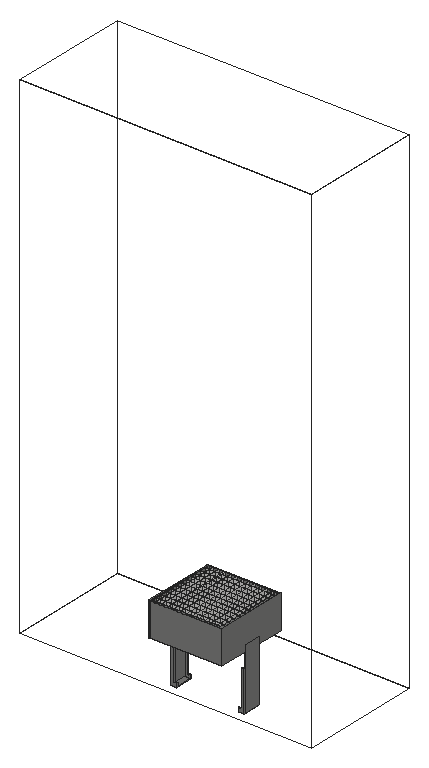
Revit family "Heater-QMark-Thermazone_Series", category Mechanical Equipment, host Face, Revit 2020
Family settings
  Host = Face
  Round Connector Dimension = Use Diameter
  Classification = None
  Part Type = Normal
  OmniClass Number = 23.75.70.17.17
  OmniClass Title = Radiation Panels
  Cut with Voids When Loaded = No
  Shared = No
  Room Calculation Point = No
Parameters (values of type "Not a Type - Load Type Catalog")
  Watts = 0 W
  Wall Mounting [instance] = no
  Voltage = 0 V
  Version = "2020 - v1.0a"  # constant formula
  URL = "https://www.marleymep.com/"
  Total Heating Capacity = 0.0 Btu/h
  Product Page URL = "https://www.marleymep.com/products/qmark/thermazone-series-commercialresidential-infrared-heater"
  Product Name = "Thermazone Series - Commercial/Residential Infrared Heater"  # constant formula
  Product Documentation Link = "https://www.marleymep.com/system/files/node/file/field-file/Submittal_THERMAZONE-RadiantHeat-2-QMark.pdf"
  Power Factor = 1  # constant formula
  Phase = 1
  Number of Poles = 1  # constant formula
  Model = "Not a Type - Load a Type Catalog"
  Manufacturer = "Marley® Engineered Products"  # constant formula
  Length = 1' - 0"
  Keynote = "15500"
  Instruction Sheet Link = "https://www.marleymep.com/system/files/node/file/field-file/Instruction%20Manual_ENM-4153-01%20-%20Thermazone%20-%20QMark_0.pdf"
  Height = 0' - 5 1/2"  # constant formula
  Frequency = 60 Hz  # constant formula
  Depth = 1' - 0"  # constant formula
  Clearance [instance] = yes
  C_ Thermazone Series WM [instance] = Wall Mounting  # no
  C_ Thermazone Series CM [instance] = Ceiling Mounting  # yes
  C_ Thermazone Series 4' = no
  C_ Thermazone Series 2' = no
  C_ Thermazone Series 1' = yes
  Description = "Infrared Heaters for Industrial/Commercial/Residential\r"  # constant formula
  Default Elevation = 6' - 0"
  Copyright = "© 2015-2024, Marley Engineered Products"  # constant formula
  Ceiling Mounting [instance] = not(Wall Mounting)  # yes
  Infrared Material = Paint - QMark - Powder Coated Black (BK)
  C_ Clearance Wall Mounting [instance] = if(and(Wall Mounting, Clearance), 1 = 1, 1 = 0)  # no
  C_ Clearance Ceiling Mounting [instance] = if(and(Ceiling Mounting, Clearance), 1 = 1, 1 = 0)  # yes
  Assembly Code = "D3060300"
  Angle Positioning [instance] = "For wall mouting, the minimum is 37° and maximum 53°"  # constant formula
  Amps = 0 A
Reference planes (in)
  plane 1 "Center (Front/Back)": y = 0
  plane 2: z = 0
  plane 3 "Center (Left/Right)": x = 0
Dimensions and locks (in)
  aligned and locked: plane 2 to host face
  aligned and locked: level to host face
Nested families (in)
  nested 1: "Heater-QMark-Thermazone_Series-Infrared_Heaters" at (0, 0, 0), Clearance <- "Clearance", Ceiling Mounting <- "Ceiling Mounting", visible <- "C_ Thermazone Series CM", type "Thermazone Series"
    with Wall Mounting no, Thermazone Series yes, Clearance yes, Ceiling Mounting yes, C_ Thermazone Series yes, C_ Clearance Wall Mounting no, C_ Clearance Ceiling Mounting yes
  nested 2: "Heater-QMark-Thermazone_Series-Infrared_Heaters" at (1.37943, -26.67957, 0) x (-1, 0, 0) z (0, 0, 1), Clearance <- "Clearance", Wall Mounting <- "Wall Mounting", visible <- "C_ Thermazone Series WM", Ceiling Mounting <- "Ceiling Mounting", type "Thermazone Series"
    with Wall Mounting no, Thermazone Series yes, Clearance yes, Ceiling Mounting yes, C_ Thermazone Series yes, C_ Clearance Wall Mounting no, C_ Clearance Ceiling Mounting yes
Definition of nested family "Heater-QMark-Thermazone_Series-Infrared_Heaters"
  Parameters (values of type "Thermazone Series")
    Watts = 0 W
    Wall Mounting [instance] = yes
    Voltage = 0 V
    Version = "2020 - v1.0a"  # constant formula
    URL = "https://www.marleymep.com/"
    Total Heating Capacity = 0.0 Btu/h
    Thermazone Series [instance] = yes
    Product Page URL = "https://www.marleymep.com/products/qmark/thermazone-series-commercialresidential-infrared-heater"
    Product Name = "Thermazone Series - Commercial/Residential Infrared Heater"  # constant formula
    Product Documentation Link = "https://www.marleymep.com/system/files/node/file/field-file/Submittal_THERMAZONE-RadiantHeat-2-QMark.pdf"
    Power Factor = 0
    Phase = 1
    Number of Poles = 1
    Model = "Thermazone Series"
    Manufacturer = "Marley® Engineered Products"  # constant formula
    Length = 1' - 0"
    Instruction Sheet Link = "https://www.marleymep.com/system/files/node/file/field-file/Instruction%20Manual_ENM-4153-01%20-%20Thermazone%20-%20QMark_0.pdf"
    Height = 0' - 5 1/2"
    Frequency = 0 Hz
    Clearance [instance] = yes
    C_ Thermazone Series 4' = no
    C_ Thermazone Series 2' = no
    C_ Thermazone Series 1' = yes
    C_ Thermazone Series [instance] = Thermazone Series  # yes
    Description = "Infrared Heaters for Industrial/Commercial/Residential\r"  # constant formula
    Depth = 1' - 0"
    Default Elevation = 4' - 0"
    Copyright = "© 2015-2024, Marley Engineered Products"  # constant formula
    Ceiling Mounting [instance] = no
    Infrared Material = none
    C_ Clearance Wall Mounting [instance] = if(and(Wall Mounting, Clearance), 1 = 1, 1 = 0)  # yes
    C_ Clearance Ceiling Mounting [instance] = if(and(Ceiling Mounting, Clearance), 1 = 1, 1 = 0)  # no
    Amps = 0 A
  Reference planes (in)
    plane 1 "Center (Front/Back)": y = 0
    plane 2: z = 0
    plane 3 "Center (Left/Right)": x = 0
    plane 4: y = 6
    plane 5: y = -6
    plane 6: x = 6
    plane 7: x = -6
    plane 8: y = -5.875
    plane 9: x = 6.125
    plane 10: y = -1.46637
    plane 11: y = 1.46637
    plane 12: y = -1.34137
    plane 13: z = -72
    plane 14: z = 9.005
    plane 15: z = 13.505
    plane 16: z = 100.76
    plane 17: z = 5.005
    plane 18: z = 14.505
    plane 19: y = -78
    plane 20: z = 26.505
  Forms (in)
    Extrusion 1, solid
      sketch origin (0, 0, 0) x (1, 0, 0) y (0, 1, 0)
        loop
          line (-48, 48) -> (-48, -48) -> (48, -48) -> (48, 48) -> (-48, 48)
      from 0 to -12
    Extrusion 2, solid, visible <- "C_ Clearance Ceiling Mounting"
      sketch origin (20.10971, 16.31287, 77.005) x (1, 0, 0) y (0, 1, 0)
        loop
          line (-44.10971, -6.31287) -> (-44.10971, -26.31287) -> (3.89029, -26.31287) -> (3.89029, -6.31287) -> (-44.10971, -6.31287)
      from -72 to 9.5
    Extrusion 3, solid, material <- "Infrared Material", visible <- "Thermazone Series", detail levels fine
      sketch origin (0, 0, 14.505) x (0, -1, 0) y (0, 0, 1)
        loop
          line (-6, 0) -> (-6, -5.5) -> (6, -5.5) -> (6, 0) -> (-6, 0)
      from 5.875 to 6
    Extrusion 4, solid, material <- "Infrared Material", visible <- "Thermazone Series", detail levels fine
      sketch origin (0, 0, 14.505) x (0, -1, 0) y (0, 0, -1)
        loop
          line (-6, 0) -> (6, 0) -> (6, 5.5) -> (-6, 5.5) -> (-6, 0)
      from 5.875 to 6
    Extrusion 5, solid, material <- "Infrared Material", visible <- "Thermazone Series", detail levels fine
      sketch origin (0, 0, 14.505) x (-1, 0, 0) y (0, -1, 0)
        loop
          line (-5.875, 1.903) -> (5.875, 1.903) -> (5.875, 6) -> (-5.875, 6) -> (-5.875, 1.903)
      from 0 to -5.5
    Extrusion 6, solid, material <- "Infrared Material", visible <- "Thermazone Series", detail levels fine
      sketch origin (0, 0, 11.17879) x (-1, 0, 0) y (0, -1, 0)
        loop
          line (-5.875, -6) -> (5.875, -6) -> (5.875, 1.903) -> (-5.875, 1.903) -> (-5.875, -6)
      from 0 to 3.32621
    Extrusion 7, solid, material <- "Infrared Material", visible <- "Thermazone Series", detail levels fine
      sketch origin (0, 0, 14.505) x (0, 1, 0) y (0, 0, 1)
        loop
          line (-1.3448, -4.38) -> (-1.3448, -14.38) -> (1.345, -14.38) -> (1.345, -4.38) -> (-1.3448, -4.38)
      from 6 to 6.125
    Extrusion 8, solid, material <- "Infrared Material", visible <- "Thermazone Series", detail levels fine
      sketch origin (0, 0, 14.505) x (0, 1, 0) y (0, 0, -1)
        loop
          line (-1.3448, 4.38) -> (1.345, 4.38) -> (1.345, 14.38) -> (-1.3448, 14.38) -> (-1.3448, 4.38)
      from 6 to 6.125
    Extrusion 9, solid, material <- "Infrared Material", visible <- "Thermazone Series"
      sketch origin (0, 0, 28.76) x (1, 0, 0) y (0, 0, 1)
        loop
          circle (-2.64928, -18.50224) r 0.69831
      from 0.87873 to 1.903
    Extrusion 10, solid, material <- "Infrared Material", visible <- "Thermazone Series", detail levels fine
      sketch origin (0, 0, 28.76) x (1, 0, 0) y (0, 0, 1)
        loop
          line (6, -22.135) -> (5.551, -22.135) -> (5.551, -28.135) -> (5.051, -28.135) -> (5.051, -28.76) -> (6, -28.76) -> (6, -22.135)
      from 1.3448 to 1.46637
    Extrusion 11, solid, material <- "Infrared Material", visible <- "Thermazone Series", detail levels fine
      sketch origin (0, 0, 14.505) x (1, 0, 0) y (0, 0, -1)
        loop
          line (6, 7.88) -> (6, 14.505) -> (5.051, 14.505) -> (5.051, 13.88) -> (5.551, 13.88) -> (5.551, 7.88) -> (6, 7.88)
      from 1.3448 to 1.46637
    Extrusion 12, solid, material <- "Infrared Material", visible <- "Thermazone Series", detail levels fine
      sketch origin (0, 0, 28.635) x (1, 0, 0) y (0, 0, 1)
        loop
          line (5.051, -28.635) -> (6, -28.635) -> (6, -28.51) -> (5.051, -28.51) -> (5.051, -28.635)
      from -1.345 to 1.3448
    Extrusion 13, solid, material <- "Infrared Material", visible <- "Thermazone Series", detail levels fine
      sketch origin (0, 0, 28.76) x (-1, 0, 0) y (0, 0, -1)
        loop
          line (6, 22.135) -> (6, 28.76) -> (5.051, 28.76) -> (5.051, 28.135) -> (5.551, 28.135) -> (5.551, 22.135) -> (6, 22.135)
      from 1.3448 to 1.46637
    Extrusion 14, solid, material <- "Infrared Material", visible <- "Thermazone Series", detail levels fine
      sketch origin (0, 0, 14.505) x (-1, 0, 0) y (0, 0, 1)
        loop
          line (6, -7.88) -> (5.551, -7.88) -> (5.551, -13.88) -> (5.051, -13.88) -> (5.051, -14.505) -> (6, -14.505) -> (6, -7.88)
      from 1.3448 to 1.46637
    Extrusion 15, solid, material <- "Infrared Material", visible <- "Thermazone Series", detail levels fine
      sketch origin (0, 0, 28.635) x (-1, 0, 0) y (0, 0, -1)
        loop
          line (5.051, 28.635) -> (5.051, 28.51) -> (6, 28.51) -> (6, 28.635) -> (5.051, 28.635)
      from -1.345 to 1.3448
    Extrusion 16, solid, material <- "Infrared Material", detail levels coarse+medium
      sketch origin (0, 0, 28.76) x (1, 0, 0) y (0, 0, 1)
        loop
          line (5.051, -28.76) -> (6.125, -28.76) -> (6.125, -18.635) -> (6, -18.635) -> (6, -22.135) -> (5.551, -22.135) -> (5.551, -28.135) -> (5.051, -28.135) -> (5.051, -28.76)
      from -1.46637 to 1.46637
    Extrusion 17, solid, material <- "Infrared Material", detail levels coarse+medium
      sketch origin (0, 0, 28.76) x (-1, 0, 0) y (0, 0, -1)
        loop
          line (5.051, 28.76) -> (5.051, 28.135) -> (5.551, 28.135) -> (5.551, 22.135) -> (6, 22.135) -> (6, 18.635) -> (6.125, 18.635) -> (6.125, 28.76) -> (5.051, 28.76)
      from -1.46637 to 1.46637
    Extrusion 18, solid, material <- "Infrared Material", detail levels coarse+medium
      sketch origin (0, 0, 14.505) x (0, 1, 0) y (0, 0, 1)
        loop
          line (-6, -5.5) -> (-1.903, -5.5) -> (-1.903, -3.32621) -> (6, -3.32621) -> (6, 0) -> (-6, 0) -> (-6, -5.5)
      from -6 to 6
    Extrusion 19, solid, material <- "Infrared Material", detail levels coarse+medium
      sketch origin (0, 0, 14.505) x (0, -1, 0) y (1, 0, 0)
        loop
          line (1.903, -6) -> (1.903, -5.875) -> (-6, -5.875) -> (-6, -6) -> (1.903, -6)
      from -3.32621 to -5.5
    Extrusion 20, solid, material <- "Infrared Material", detail levels coarse+medium
      sketch origin (0, 0, 5.67879) x (0, 1, 0) y (-1, 0, 0)
        loop
          line (-1.903, -6) -> (6, -6) -> (6, -5.875) -> (-1.903, -5.875) -> (-1.903, -6)
      from 3.32621 to 5.5
    Extrusion 21, void
      sketch origin (0, 0, 0) x (1, 0, 0) y (0, 1, 0)
        loop
          line (5.625, -5.75) -> (5.625, 5.75) -> (-5.625, 5.75) -> (-5.625, -5.75) -> (5.625, -5.75)
      from 13.505 to 14.505
    Extrusion 22, solid, visible <- "C_ Clearance Wall Mounting"
      sketch origin (20.10971, 16.31287, 77.005) x (1, 0, 0) y (0, 1, 0)
        loop
          line (-44.10971, -6.31287) -> (-44.10971, -94.31287) -> (3.89029, -94.31287) -> (3.89029, -6.31287) -> (-44.10971, -6.31287)
      from -72 to -50.5
  Cuts and joins
    Extrusion 21 cuts Extrusion 5
    Extrusion 21 cuts Extrusion 6
    joined: Extrusion 5, Extrusion 6
    joined: Extrusion 18, Extrusion 19, Extrusion 20
  Dimensions and locks (in)
    "Depth": plane 4 to plane 5
    equal spacing: plane 4, plane 1 "Center (Front/Back)", plane 5
    "Length": plane 7 to plane 6
    equal spacing: plane 7, plane 3 "Center (Left/Right)", plane 6
    locked: Extrusion 2 sketch curve to plane 7 at 18
    locked: plane 6 to Extrusion 2 sketch curve at 18
    Extrusion 17 to Extrusion 17 to Extrusion 17 = 0' - 0.574", 0' - 0 1/2" locked
    Extrusion 16 to Extrusion 16 to plane 6 to Extrusion 16 = 0' - 0 1/2" locked, 0' - 0.449" locked, 0' - 0 1/8" locked
    locked: Extrusion 9 sketch curve to plane 7 at 3.35072
    locked: plane 7 to Extrusion 3 at 0.125
    locked: Extrusion 4 to plane 6 at 0.125
    locked: plane 6 to Extrusion 7 at 0.125
    locked: Extrusion 8 to plane 7 at 0.125
    locked: Extrusion 22 sketch curve to plane 7 at 18
    locked: plane 6 to Extrusion 22 sketch curve at 18
    aligned and locked: plane 2 to Extrusion 1
    aligned and locked: level to Extrusion 1
    aligned and locked: Extrusion 5 to plane 14
    aligned and locked: Extrusion 7 to Extrusion 10
    aligned and locked: Extrusion 7 to Extrusion 12  (x2)
    aligned and locked: Extrusion 12 to Extrusion 7
    aligned and locked: Extrusion 10 to Extrusion 16
    aligned and locked: Extrusion 19 to plane 14
    aligned and locked: Extrusion 3 to Extrusion 21
    aligned and locked: plane 15 to Extrusion 21
    aligned and locked: Extrusion 10 to level
    aligned and locked: Extrusion 16 to level
    aligned and locked: Extrusion 17 to level
    aligned and locked: Extrusion 18 to plane 7
    aligned and locked: Extrusion 18 to plane 6
    aligned and locked: Extrusion 3 to plane 7
    aligned and locked: Extrusion 4 to plane 6
    aligned and locked: plane 6 to Extrusion 7
    aligned and locked: plane 7 to Extrusion 8
    aligned and locked: plane 19 to Extrusion 22
    aligned and locked: Extrusion 22 to plane 20
  Automatic sketch dimensions
    Extrusion 1 sketch curve to Extrusion 1 sketch curve = 8' - 0"  (x2)
    plane 5 to Extrusion 2 sketch curve = 0' - 4"
    plane 4 to Extrusion 2 sketch curve = 0' - 4"
    Extrusion 3 sketch curve to plane 4 = 0' - 0"
    Extrusion 3 sketch curve to plane 5 = 0' - 0"
    plane 14 to Extrusion 3 sketch curve = 0' - 0"
    plane 18 to Extrusion 3 sketch curve = 0' - 0"
    Extrusion 4 sketch curve to plane 4 = 0' - 0"
    Extrusion 4 sketch curve to plane 5 = 0' - 0"
    plane 18 to Extrusion 4 sketch curve = 0' - 0"
    plane 14 to Extrusion 4 sketch curve = 0' - 0"
    plane 5 to Extrusion 5 sketch curve = 0' - 0"
    plane 6 to Extrusion 5 sketch curve = 0' - 0 1/8"
    plane 7 to Extrusion 5 sketch curve = 0' - 0 1/8"
    Extrusion 5 sketch curve to plane 10 = 0' - 0.43663"
    Extrusion 6 sketch curve to plane 4 = 0' - 0"
    plane 6 to Extrusion 6 sketch curve = 0' - 0 1/8"
    plane 7 to Extrusion 6 sketch curve = 0' - 0 1/8"
    Extrusion 6 sketch curve to plane 10 = 0' - 0.43663"
    plane 12 to Extrusion 7 sketch curve = 0' - 0.00343"
    Extrusion 7 sketch curve to plane 11 = 0' - 0.12137"
    plane 14 to Extrusion 7 sketch curve = 0' - 1.12"
    Extrusion 7 sketch curve to level = 0' - 0 1/8"
    Extrusion 8 sketch curve to plane 12 = 0' - 0.00343"
    plane 11 to Extrusion 8 sketch curve = 0' - 0.12137"
    Extrusion 8 sketch curve to plane 14 = 0' - 1.12"
    level to Extrusion 8 sketch curve = 0' - 0 1/8"
    plane 14 to Extrusion 9 sketch curve = 0' - 1.25276"
    Extrusion 10 sketch curve to level = 0' - 0"
    plane 6 to Extrusion 10 sketch curve = 0' - 0"
    Extrusion 10 sketch curve to plane 6 = 0' - 0.449"
    Extrusion 10 sketch curve to Extrusion 10 sketch curve = 0' - 0 1/2"
    Extrusion 10 sketch curve to Extrusion 10 sketch curve = 0' - 0 5/8"
    plane 17 to Extrusion 10 sketch curve = 0' - 1.62"
    Extrusion 11 sketch curve to level = 0' - 0"
    plane 6 to Extrusion 11 sketch curve = 0' - 0"
    plane 6 to Extrusion 11 sketch curve = 0' - 0.449"
    Extrusion 11 sketch curve to Extrusion 11 sketch curve = 0' - 0 1/2"
    Extrusion 11 sketch curve to Extrusion 11 sketch curve = 0' - 0 5/8"
    Extrusion 11 sketch curve to plane 17 = 0' - 1.62"
    Extrusion 12 sketch curve to level = 0' - 0"
    plane 6 to Extrusion 12 sketch curve = 0' - 0"
    Extrusion 12 sketch curve to plane 6 = 0' - 0.949"
    Extrusion 12 sketch curve to Extrusion 12 sketch curve = 0' - 0 1/8"
    Extrusion 13 sketch curve to level = 0' - 0"
    Extrusion 13 sketch curve to plane 7 = 0' - 0"
    plane 7 to Extrusion 13 sketch curve = 0' - 0.449"
    Extrusion 13 sketch curve to Extrusion 13 sketch curve = 0' - 0 1/2"
    Extrusion 13 sketch curve to Extrusion 13 sketch curve = 0' - 0 5/8"
    Extrusion 13 sketch curve to plane 17 = 0' - 1.62"
    Extrusion 14 sketch curve to level = 0' - 0"
    Extrusion 14 sketch curve to plane 7 = 0' - 0"
    plane 7 to Extrusion 14 sketch curve = 0' - 0.449"
    Extrusion 14 sketch curve to Extrusion 14 sketch curve = 0' - 0 1/2"
    level to Extrusion 14 sketch curve = 0' - 0 5/8"
    Extrusion 14 sketch curve to plane 17 = 0' - 1.62"
    Extrusion 15 sketch curve to level = 0' - 0"
    Extrusion 15 sketch curve to plane 7 = 0' - 0"
    plane 7 to Extrusion 15 sketch curve = 0' - 0.949"
    Extrusion 15 sketch curve to Extrusion 15 sketch curve = 0' - 0 1/8"
    Extrusion 16 sketch curve to level = 0' - 0"
    plane 6 to Extrusion 16 sketch curve = 0' - 0"
    plane 9 to Extrusion 16 sketch curve = 0' - 0"
    Extrusion 16 sketch curve to plane 6 = 0' - 0.449"
    Extrusion 16 sketch curve to Extrusion 16 sketch curve = 0' - 0 1/2"
    Extrusion 16 sketch curve to level = 0' - 0 5/8"
    plane 17 to Extrusion 16 sketch curve = 0' - 1.62"
    plane 14 to Extrusion 16 sketch curve = 0' - 1.12"
    Extrusion 17 sketch curve to level = 0' - 0"
    Extrusion 17 sketch curve to plane 7 = 0' - 0"
    plane 7 to Extrusion 17 sketch curve = 0' - 0.449"
    Extrusion 17 sketch curve to Extrusion 17 sketch curve = 0' - 0 1/2"
    Extrusion 17 sketch curve to plane 7 = 0' - 0 1/8"
    level to Extrusion 17 sketch curve = 0' - 0 5/8"
    Extrusion 17 sketch curve to plane 17 = 0' - 1.62"
    Extrusion 17 sketch curve to plane 14 = 0' - 1.12"
    Extrusion 18 sketch curve to plane 5 = 0' - 0"
    plane 14 to Extrusion 18 sketch curve = 0' - 0"
    Extrusion 18 sketch curve to plane 4 = 0' - 0"
    plane 18 to Extrusion 18 sketch curve = 0' - 0"
    plane 10 to Extrusion 18 sketch curve = 0' - 0.43663"
    plane 14 to Extrusion 18 sketch curve = 0' - 2.17379"
    Extrusion 19 sketch curve to plane 4 = 0' - 0"
    Extrusion 19 sketch curve to plane 7 = 0' - 0"
    plane 7 to Extrusion 19 sketch curve = 0' - 0 1/8"
    Extrusion 19 sketch curve to plane 10 = 0' - 0.43663"
    Extrusion 20 sketch curve to plane 6 = 0' - 0"
    Extrusion 20 sketch curve to plane 4 = 0' - 0"
    Extrusion 20 sketch curve to plane 10 = 0' - 0.43663"
    plane 6 to Extrusion 20 sketch curve = 0' - 0 1/8"
    Extrusion 21 sketch curve to plane 8 = 0' - 0 1/8"
    plane 7 to Extrusion 21 sketch curve = 0' - 0 3/8"
    plane 6 to Extrusion 21 sketch curve = 0' - 0 3/8"
    Extrusion 21 sketch curve to plane 4 = 0' - 0 1/4"
    plane 5 to Extrusion 22 sketch curve = 6' - 0"
    plane 4 to Extrusion 22 sketch curve = 0' - 4"
    radius of Extrusion 9 sketch curve = 0' - 0.69831"
  Nested families (in)
    nested 1: "Net-Thermazone_Series" at (0, 0, 14.505) x (1, 0, 0) z (0, 0, -1), 1' <- "C_ Thermazone Series 1'", 2' <- "C_ Thermazone Series 2'", 4' <- "C_ Thermazone Series 4'", Length <- "Length", type "Net"
      with Length 1' - 0", Height 0' - 1", Depth 1' - 0", 4' no, 2' no, 1' yes
  Definition of nested family "Net-Thermazone_Series"
    Parameters (values of type "Net")
      Net Material = none
      Height [instance] = 0' - 1"  # constant formula
      Length [instance] = 1' - 0"
      Depth [instance] = 1' - 0"  # constant formula
      4' [instance] = no
      2' [instance] = no
      1' [instance] = yes
      Default Elevation = 0' - 0"
    Reference planes (in)
      plane 1 "Center (Front/Back)": y = 0
      plane 2: z = 0
      plane 3 "Center (Left/Right)": x = 0
      plane 4: z = 12
      plane 5: x = 6
      plane 6: x = -6
      plane 7: y = 6
      plane 8: y = -6
      plane 9: x = -5.625
      plane 10: x = 5.625
      plane 11: y = 5.75
      plane 12: y = -5.75
    Forms (in)
      Extrusion 1, solid
        sketch origin (0, 0, 0) x (1, 0, 0) y (0, 1, 0)
          loop
            line (-48, 48) -> (-48, -48) -> (48, -48) -> (48, 48) -> (-48, 48)
        from 0 to -12
      Extrusion 2, solid, material <- "Net Material", visible <- "1'", detail levels fine
        sketch origin (0.5625, 0, 0) x (1, 0, 0) y (0, 1, 0)
          loop
            line (-5.625, -5.75) -> (-5.56354, -5.75) -> (-5.56354, 5.75) -> (-5.625, 5.75) -> (-5.625, -5.75)
        from 0 to 1
      Extrusion 3, solid, material <- "Net Material", visible <- "1'", detail levels fine
        sketch origin (1.56146, 0, 0) x (1, 0, 0) y (0, 1, 0)
          loop
            line (-5.625, -5.75) -> (-5.56354, -5.75) -> (-5.56354, 5.75) -> (-5.625, 5.75) -> (-5.625, -5.75)
        from 0 to 1
      Extrusion 4, solid, material <- "Net Material", visible <- "1'", detail levels fine
        sketch origin (2.56041, 0, 0) x (1, 0, 0) y (0, 1, 0)
          loop
            line (-5.625, -5.75) -> (-5.56354, -5.75) -> (-5.56354, 5.75) -> (-5.625, 5.75) -> (-5.625, -5.75)
        from 0 to 1
      Extrusion 5, solid, material <- "Net Material", visible <- "1'", detail levels fine
        sketch origin (3.55937, 0, 0) x (1, 0, 0) y (0, 1, 0)
          loop
            line (-5.625, -5.75) -> (-5.56354, -5.75) -> (-5.56354, 5.75) -> (-5.625, 5.75) -> (-5.625, -5.75)
        from 0 to 1
      Extrusion 6, solid, material <- "Net Material", visible <- "1'", detail levels fine
        sketch origin (4.55833, 0, 0) x (1, 0, 0) y (0, 1, 0)
          loop
            line (-5.625, -5.75) -> (-5.56354, -5.75) -> (-5.56354, 5.75) -> (-5.625, 5.75) -> (-5.625, -5.75)
        from 0 to 1
      Extrusion 7, solid, material <- "Net Material", visible <- "1'", detail levels fine
        sketch origin (5.55728, 0, 0) x (1, 0, 0) y (0, 1, 0)
          loop
            line (-5.625, -5.75) -> (-5.56354, -5.75) -> (-5.56354, 5.75) -> (-5.625, 5.75) -> (-5.625, -5.75)
        from 0 to 1
      Extrusion 8, solid, material <- "Net Material", visible <- "1'", detail levels fine
        sketch origin (6.55624, 0, 0) x (1, 0, 0) y (0, 1, 0)
          loop
            line (-5.625, -5.75) -> (-5.56354, -5.75) -> (-5.56354, 5.75) -> (-5.625, 5.75) -> (-5.625, -5.75)
        from 0 to 1
      Extrusion 9, solid, material <- "Net Material", visible <- "1'", detail levels fine
        sketch origin (7.5552, 0, 0) x (1, 0, 0) y (0, 1, 0)
          loop
            line (-5.625, -5.75) -> (-5.56354, -5.75) -> (-5.56354, 5.75) -> (-5.625, 5.75) -> (-5.625, -5.75)
        from 0 to 1
      Extrusion 10, solid, material <- "Net Material", visible <- "1'", detail levels fine
        sketch origin (8.55415, 0, 0) x (1, 0, 0) y (0, 1, 0)
          loop
            line (-5.625, -5.75) -> (-5.56354, -5.75) -> (-5.56354, 5.75) -> (-5.625, 5.75) -> (-5.625, -5.75)
        from 0 to 1
      Extrusion 11, solid, material <- "Net Material", visible <- "1'", detail levels fine
        sketch origin (9.55311, 0, 0) x (1, 0, 0) y (0, 1, 0)
          loop
            line (-5.625, -5.75) -> (-5.56354, -5.75) -> (-5.56354, 5.75) -> (-5.625, 5.75) -> (-5.625, -5.75)
        from 0 to 1
      Extrusion 12, solid, material <- "Net Material", visible <- "1'", detail levels fine
        sketch origin (10.55207, 0, 0) x (1, 0, 0) y (0, 1, 0)
          loop
            line (-5.625, -5.75) -> (-5.56354, -5.75) -> (-5.56354, 5.75) -> (-5.625, 5.75) -> (-5.625, -5.75)
        from 0 to 1
      Extrusion 13, solid, material <- "Net Material", visible <- "2'", detail levels fine
        sketch origin (5.43124, 0, 0) x (-1, 0, 0) y (0, -1, 0)
          loop
            line (11.4927, 5.75) -> (11.43124, 5.75) -> (11.43124, -5.75) -> (11.4927, -5.75) -> (11.4927, 5.75)
        from 0 to 1
      Extrusion 14, solid, material <- "Net Material", visible <- "2'", detail levels fine
        sketch origin (5.43124, 0, 0) x (-1, 0, 0) y (0, -1, 0)
          loop
            line (12.49165, 5.75) -> (12.4302, 5.75) -> (12.4302, -5.75) -> (12.49165, -5.75) -> (12.49165, 5.75)
        from 0 to 1
      Extrusion 15, solid, material <- "Net Material", visible <- "2'", detail levels fine
        sketch origin (5.43124, 0, 0) x (-1, 0, 0) y (0, -1, 0)
          loop
            line (13.49061, 5.75) -> (13.42915, 5.75) -> (13.42915, -5.75) -> (13.49061, -5.75) -> (13.49061, 5.75)
        from 0 to 1
      Extrusion 16, solid, material <- "Net Material", visible <- "2'", detail levels fine
        sketch origin (5.43124, 0, 0) x (-1, 0, 0) y (0, -1, 0)
          loop
            line (14.48957, 5.75) -> (14.42811, 5.75) -> (14.42811, -5.75) -> (14.48957, -5.75) -> (14.48957, 5.75)
        from 0 to 1
      Extrusion 17, solid, material <- "Net Material", visible <- "2'", detail levels fine
        sketch origin (5.43124, 0, 0) x (-1, 0, 0) y (0, -1, 0)
          loop
            line (15.48853, 5.75) -> (15.42707, 5.75) -> (15.42707, -5.75) -> (15.48853, -5.75) -> (15.48853, 5.75)
        from 0 to 1
      Extrusion 18, solid, material <- "Net Material", visible <- "2'", detail levels fine
        sketch origin (-5.43124, 0, 0) x (1, 0, 0) y (0, 1, 0)
          loop
            line (-5.625, -5.75) -> (-5.56354, -5.75) -> (-5.56354, 5.75) -> (-5.625, 5.75) -> (-5.625, -5.75)
        from 0 to 1
      Extrusion 19, solid, material <- "Net Material", visible <- "2'", detail levels fine
        sketch origin (0.43646, 0, 0) x (-1, 0, 0) y (0, -1, 0)
          loop
            line (-5.625, 5.75) -> (-5.625, -5.75) -> (-5.56354, -5.75) -> (-5.56354, 5.75) -> (-5.625, 5.75)
        from 0 to 1
      Extrusion 20, solid, material <- "Net Material", visible <- "2'", detail levels fine
        sketch origin (1.43541, 0, 0) x (-1, 0, 0) y (0, -1, 0)
          loop
            line (-5.625, 5.75) -> (-5.625, -5.75) -> (-5.56354, -5.75) -> (-5.56354, 5.75) -> (-5.625, 5.75)
        from 0 to 1
      Extrusion 21, solid, material <- "Net Material", visible <- "2'", detail levels fine
        sketch origin (2.43437, 0, 0) x (-1, 0, 0) y (0, -1, 0)
          loop
            line (-5.625, 5.75) -> (-5.625, -5.75) -> (-5.56354, -5.75) -> (-5.56354, 5.75) -> (-5.625, 5.75)
        from 0 to 1
      Extrusion 22, solid, material <- "Net Material", visible <- "2'", detail levels fine
        sketch origin (3.43333, 0, 0) x (-1, 0, 0) y (0, -1, 0)
          loop
            line (-5.625, 5.75) -> (-5.625, -5.75) -> (-5.56354, -5.75) -> (-5.56354, 5.75) -> (-5.625, 5.75)
        from 0 to 1
      Extrusion 23, solid, material <- "Net Material", visible <- "2'", detail levels fine
        sketch origin (4.43228, 0, 0) x (-1, 0, 0) y (0, -1, 0)
          loop
            line (-5.625, 5.75) -> (-5.625, -5.75) -> (-5.56354, -5.75) -> (-5.56354, 5.75) -> (-5.625, 5.75)
        from 0 to 1
      Extrusion 24, solid, material <- "Net Material", visible <- "2'", detail levels fine
        sketch origin (5.43124, 0, 0) x (-1, 0, 0) y (0, -1, 0)
          loop
            line (-5.625, 5.75) -> (-5.625, -5.75) -> (-5.56354, -5.75) -> (-5.56354, 5.75) -> (-5.625, 5.75)
        from 0 to 1
      Extrusion 25, solid, material <- "Net Material", visible <- "4'", detail levels fine
        sketch origin (11.55103, 0, 0) x (1, 0, 0) y (0, 1, 0)
          loop
            line (-23.60622, -5.75) -> (-23.54477, -5.75) -> (-23.54477, 5.75) -> (-23.60622, 5.75) -> (-23.60622, -5.75)
        from 0 to 1
      Extrusion 26, solid, material <- "Net Material", visible <- "4'", detail levels fine
        sketch origin (11.55103, 0, 0) x (1, 0, 0) y (0, 1, 0)
          loop
            line (-24.60518, -5.75) -> (-24.54372, -5.75) -> (-24.54372, 5.75) -> (-24.60518, 5.75) -> (-24.60518, -5.75)
        from 0 to 1
      Extrusion 27, solid, material <- "Net Material", visible <- "4'", detail levels fine
        sketch origin (11.55103, 0, 0) x (1, 0, 0) y (0, 1, 0)
          loop
            line (-25.60414, -5.75) -> (-25.54268, -5.75) -> (-25.54268, 5.75) -> (-25.60414, 5.75) -> (-25.60414, -5.75)
        from 0 to 1
      Extrusion 28, solid, material <- "Net Material", visible <- "4'", detail levels fine
        sketch origin (11.55103, 0, 0) x (1, 0, 0) y (0, 1, 0)
          loop
            line (-26.60309, -5.75) -> (-26.54164, -5.75) -> (-26.54164, 5.75) -> (-26.60309, 5.75) -> (-26.60309, -5.75)
        from 0 to 1
      Extrusion 29, solid, material <- "Net Material", visible <- "4'", detail levels fine
        sketch origin (11.55103, 0, 0) x (1, 0, 0) y (0, 1, 0)
          loop
            line (-27.60205, -5.75) -> (-27.54059, -5.75) -> (-27.54059, 5.75) -> (-27.60205, 5.75) -> (-27.60205, -5.75)
        from 0 to 1
      Extrusion 30, solid, material <- "Net Material", visible <- "4'", detail levels fine
        sketch origin (11.55103, 0, 0) x (1, 0, 0) y (0, 1, 0)
          loop
            line (-28.60101, -5.75) -> (-28.53955, -5.75) -> (-28.53955, 5.75) -> (-28.60101, 5.75) -> (-28.60101, -5.75)
        from 0 to 1
      Extrusion 31, solid, material <- "Net Material", visible <- "4'", detail levels fine
        sketch origin (11.55103, 0, 0) x (1, 0, 0) y (0, 1, 0)
          loop
            line (-29.59996, -5.75) -> (-29.53851, -5.75) -> (-29.53851, 5.75) -> (-29.59996, 5.75) -> (-29.59996, -5.75)
        from 0 to 1
      Extrusion 32, solid, material <- "Net Material", visible <- "4'", detail levels fine
        sketch origin (11.55103, 0, 0) x (1, 0, 0) y (0, 1, 0)
          loop
            line (-30.59892, -5.75) -> (-30.53746, -5.75) -> (-30.53746, 5.75) -> (-30.59892, 5.75) -> (-30.59892, -5.75)
        from 0 to 1
      Extrusion 33, solid, material <- "Net Material", visible <- "4'", detail levels fine
        sketch origin (11.55103, 0, 0) x (1, 0, 0) y (0, 1, 0)
          loop
            line (-31.59788, -5.75) -> (-31.53642, -5.75) -> (-31.53642, 5.75) -> (-31.59788, 5.75) -> (-31.59788, -5.75)
        from 0 to 1
      Extrusion 34, solid, material <- "Net Material", visible <- "4'", detail levels fine
        sketch origin (11.55103, 0, 0) x (1, 0, 0) y (0, 1, 0)
          loop
            line (-32.59683, -5.75) -> (-32.53538, -5.75) -> (-32.53538, 5.75) -> (-32.59683, 5.75) -> (-32.59683, -5.75)
        from 0 to 1
      Extrusion 35, solid, material <- "Net Material", visible <- "4'", detail levels fine
        sketch origin (11.55103, 0, 0) x (1, 0, 0) y (0, 1, 0)
          loop
            line (-33.59579, -5.75) -> (-33.53433, -5.75) -> (-33.53433, 5.75) -> (-33.59579, 5.75) -> (-33.59579, -5.75)
        from 0 to 1
      Extrusion 36, solid, material <- "Net Material", visible <- "4'", detail levels fine
        sketch origin (-11.55103, 0, 0) x (-1, 0, 0) y (0, -1, 0)
          loop
            line (11.4927, 5.75) -> (11.43124, 5.75) -> (11.43124, -5.75) -> (11.4927, -5.75) -> (11.4927, 5.75)
        from 0 to 1
      Extrusion 37, solid, material <- "Net Material", visible <- "4'", detail levels fine
        sketch origin (0.5625, 0, 0) x (1, 0, 0) y (0, 1, 0)
          loop
            line (11.4927, -5.75) -> (11.4927, 5.75) -> (11.43124, 5.75) -> (11.43124, -5.75) -> (11.4927, -5.75)
        from 0 to 1
      Extrusion 38, solid, material <- "Net Material", visible <- "4'", detail levels fine
        sketch origin (1.56146, 0, 0) x (1, 0, 0) y (0, 1, 0)
          loop
            line (11.4927, -5.75) -> (11.4927, 5.75) -> (11.43124, 5.75) -> (11.43124, -5.75) -> (11.4927, -5.75)
        from 0 to 1
      Extrusion 39, solid, material <- "Net Material", visible <- "4'", detail levels fine
        sketch origin (2.56041, 0, 0) x (1, 0, 0) y (0, 1, 0)
          loop
            line (11.4927, -5.75) -> (11.4927, 5.75) -> (11.43124, 5.75) -> (11.43124, -5.75) -> (11.4927, -5.75)
        from 0 to 1
      Extrusion 40, solid, material <- "Net Material", visible <- "4'", detail levels fine
        sketch origin (3.55937, 0, 0) x (1, 0, 0) y (0, 1, 0)
          loop
            line (11.4927, -5.75) -> (11.4927, 5.75) -> (11.43124, 5.75) -> (11.43124, -5.75) -> (11.4927, -5.75)
        from 0 to 1
      Extrusion 41, solid, material <- "Net Material", visible <- "4'", detail levels fine
        sketch origin (4.55833, 0, 0) x (1, 0, 0) y (0, 1, 0)
          loop
            line (11.4927, -5.75) -> (11.4927, 5.75) -> (11.43124, 5.75) -> (11.43124, -5.75) -> (11.4927, -5.75)
        from 0 to 1
      Extrusion 42, solid, material <- "Net Material", visible <- "4'", detail levels fine
        sketch origin (5.55728, 0, 0) x (1, 0, 0) y (0, 1, 0)
          loop
            line (11.4927, -5.75) -> (11.4927, 5.75) -> (11.43124, 5.75) -> (11.43124, -5.75) -> (11.4927, -5.75)
        from 0 to 1
      Extrusion 43, solid, material <- "Net Material", visible <- "4'", detail levels fine
        sketch origin (6.55624, 0, 0) x (1, 0, 0) y (0, 1, 0)
          loop
            line (11.4927, -5.75) -> (11.4927, 5.75) -> (11.43124, 5.75) -> (11.43124, -5.75) -> (11.4927, -5.75)
        from 0 to 1
      Extrusion 44, solid, material <- "Net Material", visible <- "4'", detail levels fine
        sketch origin (7.5552, 0, 0) x (1, 0, 0) y (0, 1, 0)
          loop
            line (11.4927, -5.75) -> (11.4927, 5.75) -> (11.43124, 5.75) -> (11.43124, -5.75) -> (11.4927, -5.75)
        from 0 to 1
      Extrusion 45, solid, material <- "Net Material", visible <- "4'", detail levels fine
        sketch origin (8.55415, 0, 0) x (1, 0, 0) y (0, 1, 0)
          loop
            line (11.4927, -5.75) -> (11.4927, 5.75) -> (11.43124, 5.75) -> (11.43124, -5.75) -> (11.4927, -5.75)
        from 0 to 1
      Extrusion 46, solid, material <- "Net Material", visible <- "4'", detail levels fine
        sketch origin (9.55311, 0, 0) x (1, 0, 0) y (0, 1, 0)
          loop
            line (11.4927, -5.75) -> (11.4927, 5.75) -> (11.43124, 5.75) -> (11.43124, -5.75) -> (11.4927, -5.75)
        from 0 to 1
      Extrusion 47, solid, material <- "Net Material", visible <- "4'", detail levels fine
        sketch origin (10.55207, 0, 0) x (1, 0, 0) y (0, 1, 0)
          loop
            line (11.4927, -5.75) -> (11.4927, 5.75) -> (11.43124, 5.75) -> (11.43124, -5.75) -> (11.4927, -5.75)
        from 0 to 1
      Extrusion 48, solid, material <- "Net Material", visible <- "4'", detail levels fine
        sketch origin (11.55103, 0, 0) x (1, 0, 0) y (0, 1, 0)
          loop
            line (11.4927, -5.75) -> (11.4927, 5.75) -> (11.43124, 5.75) -> (11.43124, -5.75) -> (11.4927, -5.75)
        from 0 to 1
      Extrusion 49, solid, material <- "Net Material", visible <- "1'", detail levels fine
        sketch origin (3.95884, 10.62604, 0) x (0, 1, 0) y (-1, 0, 0)
          loop
            line (-5.625, -1.66616) -> (-5.56354, -1.66616) -> (-5.56354, 9.58384) -> (-5.625, 9.58384) -> (-5.625, -1.66616)
        from 0 to 1
      Extrusion 50, solid, material <- "Net Material", visible <- "1'", not visible, detail levels fine
        sketch origin (0.5625, 0, 0) x (1, 0, 0) y (0, 1, 0)
          loop
            line (-5.625, -5.75) -> (-5.56354, -5.75) -> (-5.56354, 5.75) -> (-5.625, 5.75) -> (-5.625, -5.75)
        from 0 to 1
      Extrusion 51, solid, material <- "Net Material", visible <- "1'", detail levels fine
        sketch origin (3.95884, 9.62709, 0) x (0, 1, 0) y (-1, 0, 0)
          loop
            line (-5.625, -1.66616) -> (-5.56354, -1.66616) -> (-5.56354, 9.58384) -> (-5.625, 9.58384) -> (-5.625, -1.66616)
        from 0 to 1
      Extrusion 52, solid, material <- "Net Material", visible <- "1'", detail levels fine
        sketch origin (3.95884, 8.62813, 0) x (0, 1, 0) y (-1, 0, 0)
          loop
            line (-5.625, -1.66616) -> (-5.56354, -1.66616) -> (-5.56354, 9.58384) -> (-5.625, 9.58384) -> (-5.625, -1.66616)
        from 0 to 1
      Extrusion 53, solid, material <- "Net Material", visible <- "1'", detail levels fine
        sketch origin (3.95884, 7.62917, 0) x (0, 1, 0) y (-1, 0, 0)
          loop
            line (-5.625, -1.66616) -> (-5.56354, -1.66616) -> (-5.56354, 9.58384) -> (-5.625, 9.58384) -> (-5.625, -1.66616)
        from 0 to 1
      Extrusion 54, solid, material <- "Net Material", visible <- "1'", detail levels fine
        sketch origin (3.95884, 6.63022, 0) x (0, 1, 0) y (-1, 0, 0)
          loop
            line (-5.625, -1.66616) -> (-5.56354, -1.66616) -> (-5.56354, 9.58384) -> (-5.625, 9.58384) -> (-5.625, -1.66616)
        from 0 to 1
      Extrusion 55, solid, material <- "Net Material", visible <- "1'", detail levels fine
        sketch origin (3.95884, 5.63126, 0) x (0, 1, 0) y (-1, 0, 0)
          loop
            line (-5.625, -1.66616) -> (-5.56354, -1.66616) -> (-5.56354, 9.58384) -> (-5.625, 9.58384) -> (-5.625, -1.66616)
        from 0 to 1
      Extrusion 56, solid, material <- "Net Material", visible <- "1'", detail levels fine
        sketch origin (3.95884, 4.6323, 0) x (0, 1, 0) y (-1, 0, 0)
          loop
            line (-5.625, -1.66616) -> (-5.56354, -1.66616) -> (-5.56354, 9.58384) -> (-5.625, 9.58384) -> (-5.625, -1.66616)
        from 0 to 1
      Extrusion 57, solid, material <- "Net Material", visible <- "1'", detail levels fine
        sketch origin (3.95884, 3.63335, 0) x (0, 1, 0) y (-1, 0, 0)
          loop
            line (-5.625, -1.66616) -> (-5.56354, -1.66616) -> (-5.56354, 9.58384) -> (-5.625, 9.58384) -> (-5.625, -1.66616)
        from 0 to 1
      Extrusion 58, solid, material <- "Net Material", visible <- "1'", detail levels fine
        sketch origin (3.95884, 2.63439, 0) x (0, 1, 0) y (-1, 0, 0)
          loop
            line (-5.625, -1.66616) -> (-5.56354, -1.66616) -> (-5.56354, 9.58384) -> (-5.625, 9.58384) -> (-5.625, -1.66616)
        from 0 to 1
      Extrusion 59, solid, material <- "Net Material", visible <- "1'", detail levels fine
        sketch origin (3.95884, 1.63543, 0) x (0, 1, 0) y (-1, 0, 0)
          loop
            line (-5.625, -1.66616) -> (-5.56354, -1.66616) -> (-5.56354, 9.58384) -> (-5.625, 9.58384) -> (-5.625, -1.66616)
        from 0 to 1
      Extrusion 60, solid, material <- "Net Material", visible <- "1'", detail levels fine
        sketch origin (3.95884, 0.63647, 0) x (0, 1, 0) y (-1, 0, 0)
          loop
            line (-5.625, -1.66616) -> (-5.56354, -1.66616) -> (-5.56354, 9.58384) -> (-5.625, 9.58384) -> (-5.625, -1.66616)
        from 0 to 1
    Dimensions and locks (in)
      "Length": plane 4 to Extrusion 1
      "Length": plane 6 to plane 5
      equal spacing: plane 6, plane 3 "Center (Left/Right)", plane 5
      "Depth": plane 8 to plane 7
      equal spacing: plane 8, plane 1 "Center (Front/Back)", plane 7
      equal spacing: group 1, group 2, group 3, group 4, group 5, group 6, group 7, group 8, group 9, group 10, group 11  (x3)
      equal spacing: group 17, group 16, group 15, group 14, group 13, group 12
      equal spacing: group 12, group 13, group 14, group 15, group 16, group 17  (x2)
      equal spacing: group 35, group 34, group 33, group 32, group 31, group 30, group 29, group 28, group 27, group 26, group 25, group 24
      equal spacing: group 24, group 25, group 26, group 27, group 28, group 29, group 30, group 31, group 32, group 33, group 34, group 35  (x2)
      locked: plane 6 to plane 9 at 0.375
      locked: plane 10 to plane 5 at 0.375
      aligned and locked: plane 2 to Extrusion 1
      aligned and locked: level to Extrusion 1
      aligned and locked: Extrusion 49 to plane 9
      aligned and locked: Extrusion 49 to plane 10
    Automatic sketch dimensions
      Extrusion 2 sketch curve to Extrusion 2 sketch curve = 0' - 0.06146"
      Extrusion 2 sketch curve to Extrusion 2 sketch curve = 0' - 11 1/2"
      Extrusion 3 sketch curve to Extrusion 3 sketch curve = 0' - 0.06146"
      Extrusion 3 sketch curve to Extrusion 3 sketch curve = 0' - 11 1/2"
      Extrusion 4 sketch curve to Extrusion 4 sketch curve = 0' - 0.06146"
      Extrusion 4 sketch curve to Extrusion 4 sketch curve = 0' - 11 1/2"
      Extrusion 5 sketch curve to Extrusion 5 sketch curve = 0' - 0.06146"
      Extrusion 5 sketch curve to Extrusion 5 sketch curve = 0' - 11 1/2"
      Extrusion 6 sketch curve to Extrusion 6 sketch curve = 0' - 0.06146"
      Extrusion 6 sketch curve to Extrusion 6 sketch curve = 0' - 11 1/2"
      Extrusion 7 sketch curve to Extrusion 7 sketch curve = 0' - 0.06146"
      Extrusion 7 sketch curve to Extrusion 7 sketch curve = 0' - 11 1/2"
      Extrusion 8 sketch curve to Extrusion 8 sketch curve = 0' - 0.06146"
      Extrusion 8 sketch curve to Extrusion 8 sketch curve = 0' - 11 1/2"
      Extrusion 9 sketch curve to Extrusion 9 sketch curve = 0' - 0.06146"
      Extrusion 9 sketch curve to Extrusion 9 sketch curve = 0' - 11 1/2"
      Extrusion 10 sketch curve to Extrusion 10 sketch curve = 0' - 0.06146"
      Extrusion 10 sketch curve to Extrusion 10 sketch curve = 0' - 11 1/2"
      Extrusion 11 sketch curve to Extrusion 11 sketch curve = 0' - 0.06146"
      Extrusion 11 sketch curve to Extrusion 11 sketch curve = 0' - 11 1/2"
      Extrusion 12 sketch curve to Extrusion 12 sketch curve = 0' - 0.06146"
      Extrusion 12 sketch curve to Extrusion 12 sketch curve = 0' - 11 1/2"
      Extrusion 13 sketch curve to Extrusion 13 sketch curve = 0' - 0.06146"
      Extrusion 13 sketch curve to Extrusion 13 sketch curve = 0' - 11 1/2"
      Extrusion 14 sketch curve to Extrusion 14 sketch curve = 0' - 0.06146"
      Extrusion 14 sketch curve to Extrusion 14 sketch curve = 0' - 11 1/2"
      Extrusion 15 sketch curve to Extrusion 15 sketch curve = 0' - 0.06146"
      Extrusion 15 sketch curve to Extrusion 15 sketch curve = 0' - 11 1/2"
      Extrusion 16 sketch curve to Extrusion 16 sketch curve = 0' - 0.06146"
      Extrusion 16 sketch curve to Extrusion 16 sketch curve = 0' - 11 1/2"
      Extrusion 17 sketch curve to Extrusion 17 sketch curve = 0' - 0.06146"
      Extrusion 17 sketch curve to Extrusion 17 sketch curve = 0' - 11 1/2"
      Extrusion 18 sketch curve to Extrusion 18 sketch curve = 0' - 0.06146"
      Extrusion 18 sketch curve to Extrusion 18 sketch curve = 0' - 11 1/2"
      Extrusion 19 sketch curve to Extrusion 19 sketch curve = 0' - 0.06146"
      Extrusion 19 sketch curve to Extrusion 19 sketch curve = 0' - 11 1/2"
      Extrusion 20 sketch curve to Extrusion 20 sketch curve = 0' - 0.06146"
      Extrusion 20 sketch curve to Extrusion 20 sketch curve = 0' - 11 1/2"
      Extrusion 21 sketch curve to Extrusion 21 sketch curve = 0' - 0.06146"
      Extrusion 21 sketch curve to Extrusion 21 sketch curve = 0' - 11 1/2"
      Extrusion 22 sketch curve to Extrusion 22 sketch curve = 0' - 0.06146"
      Extrusion 22 sketch curve to Extrusion 22 sketch curve = 0' - 11 1/2"
      Extrusion 23 sketch curve to Extrusion 23 sketch curve = 0' - 0.06146"
      Extrusion 23 sketch curve to Extrusion 23 sketch curve = 0' - 11 1/2"
      Extrusion 24 sketch curve to Extrusion 24 sketch curve = 0' - 0.06146"
      Extrusion 24 sketch curve to Extrusion 24 sketch curve = 0' - 11 1/2"
      Extrusion 25 sketch curve to Extrusion 25 sketch curve = 0' - 0.06146"
      Extrusion 25 sketch curve to Extrusion 25 sketch curve = 0' - 11 1/2"
      Extrusion 26 sketch curve to Extrusion 26 sketch curve = 0' - 0.06146"
      Extrusion 26 sketch curve to Extrusion 26 sketch curve = 0' - 11 1/2"
      Extrusion 27 sketch curve to Extrusion 27 sketch curve = 0' - 0.06146"
      Extrusion 27 sketch curve to Extrusion 27 sketch curve = 0' - 11 1/2"
      Extrusion 28 sketch curve to Extrusion 28 sketch curve = 0' - 0.06146"
      Extrusion 28 sketch curve to Extrusion 28 sketch curve = 0' - 11 1/2"
      Extrusion 29 sketch curve to Extrusion 29 sketch curve = 0' - 0.06146"
      Extrusion 29 sketch curve to Extrusion 29 sketch curve = 0' - 11 1/2"
      Extrusion 30 sketch curve to Extrusion 30 sketch curve = 0' - 0.06146"
      Extrusion 30 sketch curve to Extrusion 30 sketch curve = 0' - 11 1/2"
      Extrusion 31 sketch curve to Extrusion 31 sketch curve = 0' - 0.06146"
      Extrusion 31 sketch curve to Extrusion 31 sketch curve = 0' - 11 1/2"
      Extrusion 32 sketch curve to Extrusion 32 sketch curve = 0' - 0.06146"
      Extrusion 32 sketch curve to Extrusion 32 sketch curve = 0' - 11 1/2"
      Extrusion 33 sketch curve to Extrusion 33 sketch curve = 0' - 0.06146"
      Extrusion 33 sketch curve to Extrusion 33 sketch curve = 0' - 11 1/2"
      Extrusion 34 sketch curve to Extrusion 34 sketch curve = 0' - 0.06146"
      Extrusion 34 sketch curve to Extrusion 34 sketch curve = 0' - 11 1/2"
      Extrusion 35 sketch curve to Extrusion 35 sketch curve = 0' - 0.06146"
      Extrusion 35 sketch curve to Extrusion 35 sketch curve = 0' - 11 1/2"
      Extrusion 36 sketch curve to Extrusion 36 sketch curve = 0' - 0.06146"
      Extrusion 36 sketch curve to Extrusion 36 sketch curve = 0' - 11 1/2"
      Extrusion 37 sketch curve to Extrusion 37 sketch curve = 0' - 0.06146"
      Extrusion 37 sketch curve to Extrusion 37 sketch curve = 0' - 11 1/2"
      Extrusion 38 sketch curve to Extrusion 38 sketch curve = 0' - 0.06146"
      Extrusion 38 sketch curve to Extrusion 38 sketch curve = 0' - 11 1/2"
      Extrusion 39 sketch curve to Extrusion 39 sketch curve = 0' - 0.06146"
      Extrusion 39 sketch curve to Extrusion 39 sketch curve = 0' - 11 1/2"
      Extrusion 40 sketch curve to Extrusion 40 sketch curve = 0' - 0.06146"
      Extrusion 40 sketch curve to Extrusion 40 sketch curve = 0' - 11 1/2"
      Extrusion 41 sketch curve to Extrusion 41 sketch curve = 0' - 0.06146"
      Extrusion 41 sketch curve to Extrusion 41 sketch curve = 0' - 11 1/2"
      Extrusion 42 sketch curve to Extrusion 42 sketch curve = 0' - 0.06146"
      Extrusion 42 sketch curve to Extrusion 42 sketch curve = 0' - 11 1/2"
      Extrusion 43 sketch curve to Extrusion 43 sketch curve = 0' - 0.06146"
      Extrusion 43 sketch curve to Extrusion 43 sketch curve = 0' - 11 1/2"
      Extrusion 44 sketch curve to Extrusion 44 sketch curve = 0' - 0.06146"
      Extrusion 44 sketch curve to Extrusion 44 sketch curve = 0' - 11 1/2"
      Extrusion 45 sketch curve to Extrusion 45 sketch curve = 0' - 0.06146"
      Extrusion 45 sketch curve to Extrusion 45 sketch curve = 0' - 11 1/2"
      Extrusion 46 sketch curve to Extrusion 46 sketch curve = 0' - 0.06146"
      Extrusion 46 sketch curve to Extrusion 46 sketch curve = 0' - 11 1/2"
      Extrusion 47 sketch curve to Extrusion 47 sketch curve = 0' - 0.06146"
      Extrusion 47 sketch curve to Extrusion 47 sketch curve = 0' - 11 1/2"
      Extrusion 48 sketch curve to Extrusion 48 sketch curve = 0' - 0.06146"
      Extrusion 48 sketch curve to Extrusion 48 sketch curve = 0' - 11 1/2"
      Extrusion 50 sketch curve to Extrusion 50 sketch curve = 0' - 0.06146"
      Extrusion 50 sketch curve to Extrusion 50 sketch curve = 0' - 11 1/2"
      Extrusion 1 sketch curve to Extrusion 1 sketch curve = 8' - 0"  (x2)
      Extrusion 49 sketch curve to plane 9 = 0' - 0"
      Extrusion 49 sketch curve to plane 10 = 0' - 0"
      plane 11 to Extrusion 49 sketch curve = 0' - 0.74896"
      Extrusion 49 sketch curve to Extrusion 49 sketch curve = 0' - 0.06146"
      Extrusion 51 sketch curve to plane 9 = 0' - 0"
      Extrusion 51 sketch curve to plane 10 = 0' - 0"
      plane 11 to Extrusion 51 sketch curve = 0' - 1.74791"
      Extrusion 51 sketch curve to Extrusion 51 sketch curve = 0' - 0.06146"
      Extrusion 52 sketch curve to plane 9 = 0' - 0"
      Extrusion 52 sketch curve to plane 10 = 0' - 0"
      plane 11 to Extrusion 52 sketch curve = 0' - 2.74687"
      Extrusion 52 sketch curve to Extrusion 52 sketch curve = 0' - 0.06146"
      Extrusion 53 sketch curve to plane 9 = 0' - 0"
      Extrusion 53 sketch curve to plane 10 = 0' - 0"
      Extrusion 53 sketch curve to plane 1 "Center (Front/Back)" = 0' - 2.00417"
      Extrusion 53 sketch curve to Extrusion 53 sketch curve = 0' - 0.06146"
      Extrusion 54 sketch curve to plane 9 = 0' - 0"
      Extrusion 54 sketch curve to plane 10 = 0' - 0"
      Extrusion 54 sketch curve to plane 1 "Center (Front/Back)" = 0' - 1.00522"
      Extrusion 54 sketch curve to Extrusion 54 sketch curve = 0' - 0.06146"
      Extrusion 55 sketch curve to plane 9 = 0' - 0"
      Extrusion 55 sketch curve to plane 10 = 0' - 0"
      Extrusion 55 sketch curve to plane 1 "Center (Front/Back)" = 0' - 0.00626"
      Extrusion 55 sketch curve to Extrusion 55 sketch curve = 0' - 0.06146"
      Extrusion 56 sketch curve to plane 9 = 0' - 0"
      Extrusion 56 sketch curve to plane 10 = 0' - 0"
      plane 1 "Center (Front/Back)" to Extrusion 56 sketch curve = 0' - 0.9927"
      Extrusion 56 sketch curve to Extrusion 56 sketch curve = 0' - 0.06146"
      Extrusion 57 sketch curve to plane 9 = 0' - 0"
      Extrusion 57 sketch curve to plane 10 = 0' - 0"
      plane 1 "Center (Front/Back)" to Extrusion 57 sketch curve = 0' - 1.99165"
      Extrusion 57 sketch curve to Extrusion 57 sketch curve = 0' - 0.06146"
      Extrusion 58 sketch curve to plane 9 = 0' - 0"
      Extrusion 58 sketch curve to plane 10 = 0' - 0"
      plane 1 "Center (Front/Back)" to Extrusion 58 sketch curve = 0' - 2.99061"
      Extrusion 58 sketch curve to Extrusion 58 sketch curve = 0' - 0.06146"
      Extrusion 59 sketch curve to plane 9 = 0' - 0"
      Extrusion 59 sketch curve to plane 10 = 0' - 0"
      plane 12 to Extrusion 59 sketch curve = 0' - 1.76043"
      Extrusion 59 sketch curve to Extrusion 59 sketch curve = 0' - 0.06146"
      Extrusion 60 sketch curve to plane 9 = 0' - 0"
      Extrusion 60 sketch curve to plane 10 = 0' - 0"
      plane 12 to Extrusion 60 sketch curve = 0' - 0.76147"
      Extrusion 60 sketch curve to Extrusion 60 sketch curve = 0' - 0.06146"
Types in the file's own list only (75): name | Watts | Voltage | Total Heating Capacity | Phase | Model | Length | C_ Thermazone Series 4' | C_ Thermazone Series 2' | Description | Amps
  QR-STS-U12-0871B | 871 W | 120 V | 2972.0 Btu/h | 1 | "QR-STS-U12-0871B" | 1' - 0" | No | No | "Infrared Heaters for Industrial/Commercial/Residential" | 7 A
  QR-STS-U12-1081B | 1081 W | 120 V | 3688.0 Btu/h | 1 | "QR-STS-U12-1081B" | 1' - 0" | No | No | "Infrared Heaters for Industrial/Commercial/Residential" | 9 A
  QR-STS-U12-1111B | 1111 W | 120 V | 3790.0 Btu/h | 1 | "QR-STS-U12-1111B" | 1' - 0" | No | No | "Infrared Heaters for Industrial/Commercial/Residential" | 9 A
  QR-STS-U12-1681B | 1681 W | 120 V | 5735.0 Btu/h | 1 | "QR-STS-U12-1681B" | 1' - 0" | No | No | "Infrared Heaters for Industrial/Commercial/Residential" | 14 A
  QR-STS-U12-1077V | 1077 W | 208 V | 3674.0 Btu/h | 1 | "QR-STS-U12-1077V" | 1' - 0" | No | No | "Infrared Heaters for Industrial/Commercial/Residential" | 5 A
  QR-STS-U12-1436V | 1436 W | 240 V | 4890.0 Btu/h | 1 | "QR-STS-U12-1436V" | 1' - 0" | No | No | "Infrared Heaters for Industrial/Commercial/Residential" | 6 A
  QR-STS-U24-1015V | 1015 W | 240 V | 3463.0 Btu/h | 1 | "QR-STS-U24-1015V" | 2' - 0" | No | Yes | "Infrared Heaters for Industrial/Commercial/Residential" | 4 A
  QR-STS-U24-1316B | 1316 W | 120 V | 4490.0 Btu/h | 1 | "QR-STS-U24-1316B" | 2' - 0" | No | Yes | "Infrared Heaters for Industrial/Commercial/Residential" | 11 A
  QR-STS-U24-1297V | 1297 W | 240 V | 4425.0 Btu/h | 1 | "QR-STS-U24-1297V" | 2' - 0" | No | Yes | "Infrared Heaters for Industrial/Commercial/Residential" | 5 A
  QR-STS-U24-1659B | 1659 W | 120 V | 5660.0 Btu/h | 1 | "QR-STS-U24-1659B" | 2' - 0" | No | Yes | "Infrared Heaters for Industrial/Commercial/Residential" | 14 A
  QR-STS-U24-1276V | 1276 W | 208 V | 4353.0 Btu/h | 1 | "QR-STS-U24-1276V" | 2' - 0" | No | Yes | "Infrared Heaters for Industrial/Commercial/Residential" | 6 A
  QR-STS-U24-1701V | 1701 W | 240 V | 5804.0 Btu/h | 1 | "QR-STS-U24-1701V" | 2' - 0" | No | Yes | "Infrared Heaters for Industrial/Commercial/Residential" | 7 A
  QR-STS-U24-2192B | 2192 W | 120 V | 7479.0 Btu/h | 1 | "QR-STS-U24-2192B" | 2' - 0" | No | Yes | "Infrared Heaters for Industrial/Commercial/Residential" | 18 A
  QR-STS-U24-1501V | 1501 W | 208 V | 5121.0 Btu/h | 1 | "QR-STS-U24-1501V" | 2' - 0" | No | Yes | "Infrared Heaters for Industrial/Commercial/Residential" | 7 A
  QR-STS-U24-2001V | 2001 W | 240 V | 6827.0 Btu/h | 1 | "QR-STS-U24-2001V" | 2' - 0" | No | Yes | "Infrared Heaters for Industrial/Commercial/Residential" | 8 A
  QR-STS-U24-1982N | 1982 W | 277 V | 6762.0 Btu/h | 1 | "QR-STS-U24-1982N" | 2' - 0" | No | Yes | "Infrared Heaters for Industrial/Commercial/Residential" | 7 A
  QR-STS-U24-2060I | 2060 W | 347 V | 7029.0 Btu/h | 1 | "QR-STS-U24-2060I" | 2' - 0" | No | Yes | "Infrared Heaters for Industrial/Commercial/Residential" | 6 A
  QR-STS-U24-2222B | 2222 W | 120 V | 7581.0 Btu/h | 1 | "QR-STS-U24-2222B" | 2' - 0" | No | Yes | "Infrared Heaters for Industrial/Commercial/Residential" | 19 A
  QR-STS-U24-1821V | 1821 W | 208 V | 6213.0 Btu/h | 1 | "QR-STS-U24-1821V" | 2' - 0" | No | Yes | "Infrared Heaters for Industrial/Commercial/Residential" | 9 A
  QR-STS-U24-2428V | 2428 W | 240 V | 8284.0 Btu/h | 1 | "QR-STS-U24-2428V" | 2' - 0" | No | Yes | "Infrared Heaters for Industrial/Commercial/Residential" | 10 A
  QR-STS-U24-2388N | 2388 W | 277 V | 8148.0 Btu/h | 1 | "QR-STS-U24-2388N" | 2' - 0" | No | Yes | "Infrared Heaters for Industrial/Commercial/Residential" | 9 A
  QR-STS-U24-2488I | 2488 W | 347 V | 8489.0 Btu/h | 1 | "QR-STS-U24-2488I" | 2' - 0" | No | Yes | "Infrared Heaters for Industrial/Commercial/Residential" | 7 A
  QR-STS-U24-3363B | 3363 W | 120 V | 11475.0 Btu/h | 1 | "QR-STS-U24-3363B" | 2' - 0" | No | Yes | "Infrared Heaters for Industrial/Commercial/Residential" | 28 A
  QR-STS-U24-2429V | 2429 W | 208 V | 8288.0 Btu/h | 1 | "QR-STS-U24-2429V" | 2' - 0" | No | Yes | "Infrared Heaters for Industrial/Commercial/Residential" | 12 A
  QR-STS-U24-3239V | 3239 W | 240 V | 11051.0 Btu/h | 1 | "QR-STS-U24-3239V" | 2' - 0" | No | Yes | "Infrared Heaters for Industrial/Commercial/Residential" | 14 A
  QR-STS-U24-3008N | 3008 W | 277 V | 10263.0 Btu/h | 1 | "QR-STS-U24-3008N" | 2' - 0" | No | Yes | "Infrared Heaters for Industrial/Commercial/Residential" | 10 A
  QR-STS-U24-3176I | 3176 W | 347 V | 10836.0 Btu/h | 1 | "QR-STS-U24-3176I" | 2' - 0" | No | Yes | "Infrared Heaters for Industrial/Commercial/Residential" | 9 A
  QR-STS-U24-1496P | 1496 W | 208 V | 5104.0 Btu/h | 3 | "QR-STS-U24-1496P" | 2' - 0" | No | Yes | "Infrared Heaters for Industrial/Commercial/Residential" | 4 A
  QR-STS-U24-1992P | 1992 W | 240 V | 6796.0 Btu/h | 3 | "QR-STS-U24-1992P" | 2' - 0" | No | Yes | "Infrared Heaters for Industrial/Commercial/Residential" | 5 A
  QR-STS-U24-1834P | 1834 W | 208 V | 6257.0 Btu/h | 3 | "QR-STS-U24-1834P" | 2' - 0" | No | Yes | "Infrared Heaters for Industrial/Commercial/Residential" | 5 A
  QR-STS-U24-2442P | 2442 W | 240 V | 8332.0 Btu/h | 3 | "QR-STS-U24-2442P" | 2' - 0" | No | Yes | "Infrared Heaters for Industrial/Commercial/Residential" | 6 A
  QR-STS-U24-2284P | 2284 W | 208 V | 7793.0 Btu/h | 3 | "QR-STS-U24-2284P" | 2' - 0" | No | Yes | "Infrared Heaters for Industrial/Commercial/Residential" | 6 A
  QR-STS-U24-3021P | 3041 W | 240 V | 10376.0 Btu/h | 3 | "QR-STS-U24-3021P" | 2' - 0" | No | Yes | "Infrared Heaters for Industrial/Commercial/Residential" | 7 A
  QR-STS-U48-1523V | 1523 W | 208 V | 5196.0 Btu/h | 1 | "QR-STS-U48-1523V" | 4' - 0" | Yes | Yes | "Infrared Heaters for Industrial/Commercial/Residential" | 7 A
  QR-STS-U48-2030V | 2030 W | 240 V | 6926.0 Btu/h | 1 | "QR-STS-U48-2030V" | 4' - 0" | Yes | Yes | "Infrared Heaters for Industrial/Commercial/Residential" | 9 A
  QR-STS-U48-2014I | 2014 W | 347 V | 6872.0 Btu/h | 1 | "QR-STS-U48-2014I" | 4' - 0" | Yes | Yes | "Infrared Heaters for Industrial/Commercial/Residential" | 6 A
  QR-STS-U48-2030T | 2030 W | 480 V | 6926.0 Btu/h | 1 | "QR-STS-U48-2030T" | 4' - 0" | Yes | Yes | "Infrared Heaters for Industrial/Commercial/Residential" | 4 A
  QR-STS-U48-1946V | 1946 W | 208 V | 6640.0 Btu/h | 1 | "QR-STS-U48-1946V" | 4' - 0" | Yes | Yes | "Infrared Heaters for Industrial/Commercial/Residential" | 9 A
  QR-STS-U48-2594V | 2594 W | 240 V | 8851.0 Btu/h | 1 | "QR-STS-U48-2594V" | 4' - 0" | Yes | Yes | "Infrared Heaters for Industrial/Commercial/Residential" | 11 A
  QR-STS-U48-2502I | 2502 W | 347 V | 8537.0 Btu/h | 1 | "QR-STS-U48-2502I" | 4' - 0" | Yes | Yes | "Infrared Heaters for Industrial/Commercial/Residential" | 7 A
  QR-STS-U48-2594T | 2594 W | 480 V | 8851.0 Btu/h | 1 | "QR-STS-U48-2594T" | 4' - 0" | Yes | Yes | "Infrared Heaters for Industrial/Commercial/Residential" | 5 A
  QR-STS-U48-2552V | 2552 W | 208 V | 8707.0 Btu/h | 1 | "QR-STS-U48-2552V" | 4' - 0" | Yes | Yes | "Infrared Heaters for Industrial/Commercial/Residential" | 12 A
  QR-STS-U48-3402V | 3402 W | 240 V | 11608.0 Btu/h | 1 | "QR-STS-U48-3402V" | 4' - 0" | Yes | Yes | "Infrared Heaters for Industrial/Commercial/Residential" | 14 A
  QR-STS-U48-3206I | 3206 W | 347 V | 10939.0 Btu/h | 1 | "QR-STS-U48-3206I" | 4' - 0" | Yes | Yes | "Infrared Heaters for Industrial/Commercial/Residential" | 9 A
  QR-STS-U48-3402T | 3402 W | 480 V | 11608.0 Btu/h | 1 | "QR-STS-U48-3402T" | 4' - 0" | Yes | Yes | "Infrared Heaters for Industrial/Commercial/Residential" | 7 A
  QR-STS-U48-3002V | 3002 W | 208 V | 10243.0 Btu/h | 1 | "QR-STS-U48-3002V" | 4' - 0" | Yes | Yes | "Infrared Heaters for Industrial/Commercial/Residential" | 15 A
  QR-STS-U48-4002V | 4002 W | 240 V | 13655.0 Btu/h | 1 | "QR-STS-U48-4002V" | 4' - 0" | Yes | Yes | "Infrared Heaters for Industrial/Commercial/Residential" | 17 A
  QR-STS-U48-3964N | 3964 W | 277 V | 13525.0 Btu/h | 1 | "QR-STS-U48-3964N" | 4' - 0" | Yes | Yes | "Infrared Heaters for Industrial/Commercial/Residential" | 14 A
  QR-STS-U48-4120I | 4120 W | 347 V | 14058.0 Btu/h | 1 | "QR-STS-U48-4120I" | 4' - 0" | Yes | Yes | "Infrared Heaters for Industrial/Commercial/Residential" | 12 A
  QR-STS-U48-4002T | 4002 W | 480 V | 13655.0 Btu/h | 1 | "QR-STS-U48-4002T" | 4' - 0" | Yes | Yes | "Infrared Heaters for Industrial/Commercial/Residential" | 8 A
  QR-STS-U48-4042Y | 4042 W | 600 V | 13791.0 Btu/h | 1 | "QR-STS-U48-4042Y" | 4' - 0" | Yes | Yes | "Infrared Heaters for Industrial/Commercial/Residential" | 7 A
